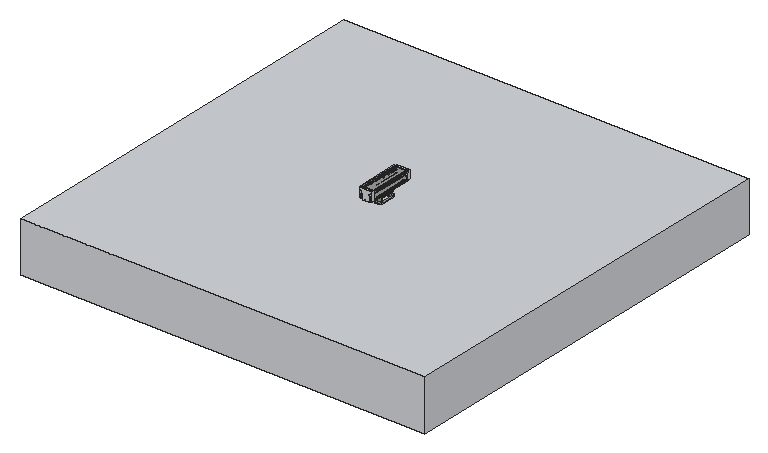
Revit family "L-industry NEW 12", category Осветительные приборы, Revit 2017
Family settings
  Основа = Грань
  Размер круглого соединителя = Использовать диаметр
  Тип детали = Нормальный
  При загрузке вырезать с полостями = Нет
  Источник света = Да
  Общий = Нет
  Точка расчета площади = Нет
Parameters (values of type "L-industry 12-11-D-4.0K")
  Wattage Comments = ""
  Wattage = 9.67403 W
  built-in parameter 1150110 = 1 (stored number, unit not read)
  Артикул = "204101300742200"
  URL = "https://ledel.ru/products/home-light/l-industry-12.html"
  Type Image = L-industry 12.png
  Комментарии к типоразмеру = "Бытовые"
  built-in parameter 1114217 = 1 (stored number, unit not read)
  Tilt Angle = 90.00°  # constant formula
  built-in parameter 1150109 = 1 (stored number, unit not read)
  built-in parameter 1150134 = 12
  built-in parameter 1150113 = 1 (stored number, unit not read)
  Файл фотометрической сетки = "L-industry NEW 12-11-D-4.0K-02.ies"
  built-in parameter 1150142 = "IESNA:LM-63-1995\r\n[TEST]LEDEL\r\n[DATA]27.11.2018\r\n[MANUFAC]LEDEL\r\n[LUMCAT]L-industry NEW 12/11/Д/4.0K/02\r\n[LUMINAIRE]Для освещения  промышленных объектов, складов, рекламных щитов, вывесок, декоративной подсветки  \r\n[MORE]\r\n[LAMPCAT]LED \r\n[LAMP]OSRAM OSLON\r\nTILT=NONE\r\n\r\n1 1437 1.0249643 37 19 1 2 0.28 0.083 0.110\r\n\r\n1 1 11\r\n\r\n0 2.5 5 7.5 10 12.5 15 17.5 20 22.5 25 27.5 30 32.5 35 37.5 40 42.5 45 47.5\r\n 50 52.5 55 57.5 60 62.5 65 67.5 70 72.5 75 77.5 80 82.5 85 87.5 90\r\n\r\n  0 5 10 15 20 25 30 35 40 45 50 55 60 65 70 75\r\n  80 85 90\r\n\r\n  720 725 728 712 704 700 683 669 654 632 615 586 558 523 478\r\n  408 362 320 277 237 206 164 127 105 101 104 88 70 67 68\r\n  61 62 54 46 29 14 11\r\n  717 729 723 706 704 699 682 667 655 633 615 591 559 525 481\r\n  411 362 322 280 239 203 175 142 119 111 112 94 78 77 68\r\n  56 55 49 41 26 11 3\r\n  717 727 726 706 698 694 680 667 652 630 611 586 559 525 482\r\n  413 356 310 261 212 181 169 149 126 104 91 87 72 61 62\r\n  63 54 47 42 27 15 6\r\n  716 727 724 707 695 695 682 665 648 631 615 586 562 529 485\r\n  425 356 304 248 202 179 159 138 115 97 88 84 82 70 53\r\n  47 47 44 34 22 12 5\r\n  717 723 724 711 696 688 682 665 651 633 614 591 561 529 489\r\n  436 363 300 252 209 176 151 129 119 118 103 80 68 66 61\r\n  55 43 39 31 21 14 6\r\n  717 720 721 717 699 683 676 670 649 632 613 586 563 528 486\r\n  436 382 300 246 213 183 158 137 124 110 92 81 75 71 60\r\n  55 52 43 31 22 14 6\r\n  716 716 714 715 707 686 673 663 649 632 614 591 561 523 485\r\n  442 395 321 252 213 190 178 157 126 106 98 94 84 70 66\r\n  61 52 46 39 28 13 5\r\n  714 714 708 709 704 694 680 659 647 630 611 589 557 525 486\r\n  450 403 346 299 246 214 185 153 133 119 112 96 71 72 75\r\n  67 62 56 47 35 20 6\r\n  717 711 708 700 696 689 676 664 651 635 615 591 559 528 497\r\n  461 414 356 313 281 250 199 163 151 146 128 104 96 93 79\r\n  69 70 61 51 37 21 6\r\n  717 712 706 701 690 681 671 659 643 629 607 577 547 519 488\r\n  453 395 340 304 279 244 192 150 128 121 109 85 78 85 66\r\n  63 62 54 46 28 12 3\r\n  717 721 718 720 717 712 706 695 683 666 647 620 597 568 537\r\n  500 440 385 344 307 263 214 182 175 161 129 106 100 90 75\r\n  72 68 61 50 36 18 4\r\n  714 721 721 727 730 718 705 688 677 670 656 630 599 568 534\r\n  496 444 379 326 282 246 206 163 137 129 121 97 73 72 69\r\n  66 61 52 43 29 14 4\r\n  716 722 729 732 727 711 699 692 683 666 649 627 592 558 521\r\n  480 425 350 292 241 214 203 174 133 116 111 104 84 71 68\r\n  58 48 47 36 22 11 3\r\n  717 724 733 730 717 708 704 693 674 663 643 622 592 553 511\r\n  467 411 338 280 243 206 176 152 132 109 98 91 84 70 59\r\n  51 45 36 29 19 6 4\r\n  717 723 734 727 714 712 710 691 675 660 643 625 592 554 511\r\n  460 404 341 277 229 199 169 143 136 129 104 76 69 66 62\r\n  52 39 33 25 17 6 3\r\n  716 726 733 720 712 715 705 688 675 660 642 615 589 552 508\r\n  454 395 325 262 225 198 174 154 128 107 101 92 86 69 47\r\n  47 43 34 26 14 5 2\r\n  717 726 729 715 713 714 699 688 674 656 635 615 584 546 509\r\n  456 391 338 288 241 211 193 173 130 107 96 93 77 60 62\r\n  54 43 36 28 17 6 3\r\n  717 726 730 713 712 711 693 686 671 652 631 608 576 540 502\r\n  448 391 345 302 260 228 195 151 132 126 120 100 83 77 64\r\n  53 47 43 30 15 6 3\r\n  720 727 727 712 714 709 688 681 666 644 626 601 571 537 499\r\n  444 389 340 296 260 232 192 133 109 106 116 103 69 68 76\r\n  54 47 47 31 14 6 3\r\n\r\n"
  Группа модели = "L-industry NEW 12"
  Изготовитель = "LEDEL"
  built-in parameter 1150105 = 114.35 (stored number, unit not read)
  Lumens = 1437 lm
  built-in parameter 1150115 = 1 (stored number, unit not read)
  built-in parameter 1150137 = (empty or 0)
  built-in parameter 1150139 = (empty or 0)
  built-in parameter 1150112 = 1 (stored number, unit not read)
  built-in parameter 1150114 = 1 (stored number, unit not read)
  built-in parameter 1150132 = 2
  built-in parameter 1150102 = (empty or 0)
  built-in parameter 1150107 = 4000 (stored number, unit not read)
  built-in parameter 1150138 = (empty or 0)
  built-in parameter 1150106 = 1.1435 (stored number, unit not read)
  Emit from Rectangle Width = 66.5 mm  # constant formula
  Emit from Rectangle Length = 250 mm  # constant formula
  Emit Shape Visible in Rendering = no
  built-in parameter 1150104 = 13.8 (stored number, unit not read)
  Dimming Lamp Color Temperature Shift = (empty or 0)
  Описание = "Для освещения  промышленных объектов, складов, рекламных щитов, вывесок, декоративной подсветки"
  Default Elevation = 1219.2 mm
  Color Filter = 16777215
  built-in parameter 1114218 = 1 (stored number, unit not read)
  built-in parameter 1150133 = 10 (stored number, unit not read)
  Apparent Load = 11 VA  # constant formula
Reference planes
  plane 1 "Center (Front/Back)": y = 0
  plane 2: z = 0
  plane 3 "Center (Left/Right)": x = 0
  plane 4: z = 22
Forms (mm)
  Extrusion 1, solid
    sketch origin (0, 0, 0) x (1, 0, 0) y (0, 1, 0)
      loop
        line (-1219.2, 1219.2) -> (-1219.2, -1219.2) -> (1219.2, -1219.2) -> (1219.2, 1219.2) -> (-1219.2, 1219.2)
    from 0 to -304.8
  Extrusion 2, solid, material "Алюминий"
    sketch origin (0, -32.2, 90.797) x (0, 0, 1) y (-1, 0, 0)
      loop
        arc (-68.797, -10) -> (-58.797, 0) -> (-68.797, 10) r 10
        line (-68.797, 10) -> (-88.797, 10) -> (-88.797, -10) -> (-68.797, -10)
    from 2 to 0
  Extrusion 3, solid, material "Алюминий"
    sketch origin (-10, -32.2, 2) x (0, -1, 0) y (-1, 0, 0)
      loop
        line (24.8, -10) -> (24.8, -3)
        arc (24.8, -3) -> (21.871, 4.071) -> (14.8, 7) r 10
        arc (14.8, 7) -> (12.477, 8.617) -> (11.274, 11.179) r 5.468
        arc (11.274, 11.179) -> (10.173, 13.521) -> (8.049, 15) r 5
        line (8.049, 15) -> (0, 15) -> (-64.4, 15) -> (-72.449, 15)
        arc (-72.449, 15) -> (-74.573, 13.521) -> (-75.674, 11.179) r 5
        arc (-75.674, 11.179) -> (-76.877, 8.617) -> (-79.2, 7) r 5.468
        arc (-79.2, 7) -> (-86.271, 4.071) -> (-89.2, -3) r 10
        line (-89.2, -3) -> (-89.2, -10) -> (-89.2, -17)
        arc (-89.2, -17) -> (-86.271, -24.071) -> (-79.2, -27) r 10
        arc (-79.2, -27) -> (-76.877, -28.617) -> (-75.674, -31.179) r 5.468
        arc (-75.674, -31.179) -> (-74.573, -33.521) -> (-72.449, -35) r 5
        line (-72.449, -35) -> (-64.4, -35) -> (0, -35) -> (8.049, -35)
        arc (8.049, -35) -> (10.173, -33.521) -> (11.274, -31.179) r 5
        arc (11.274, -31.179) -> (12.477, -28.617) -> (14.8, -27) r 5.468
        arc (14.8, -27) -> (21.871, -24.071) -> (24.8, -17) r 10
        line (24.8, -17) -> (24.8, -10)
      loop
        line (0, 1.011) -> (-64.4, 1.011) -> (-64.4, -21.011) -> (0, -21.011) -> (0, 1.011)
    from 2 to 0
  Extrusion 4, solid, material "Алюминий"
    sketch origin (0, 32.2, 90.797) x (0, 0, 1) y (1, 0, 0)
      loop
        line (-68.797, 10) -> (-88.797, 10) -> (-88.797, -10) -> (-68.797, -10)
        arc (-68.797, -10) -> (-58.797, 0) -> (-68.797, 10) r 10
    from 2 to 0
  Extrusion 5, solid, material "Алюминий"
    sketch origin (0, -28, 42) x (0, 0, -1) y (-1, 0, 0)
      loop
        circle (20, 0) r 3
    from -7.641 to 64.229
  Extrusion 6, solid, material "Поликарбонат, прозрачный"
    sketch origin (0, 0, 22) x (0, 0, 1) y (-1, 0, 0)
      loop
        line (87, 37) -> (84, 37) -> (84, -37) -> (87, -37) -> (87, 37)
    from -125 to 125
  Extrusion 7, solid, material "Алюминий"
    sketch origin (0, 0, 22) x (0, 0, 1) y (-1, 0, 0)
      loop
        line (29.941, 0) -> (29.941, -3.9) -> (25.944, -3.9) -> (25.944, -2.437) -> (23.944, -2.437) -> (23.944, -5.937) -> (29.941, -5.937) -> (29.941, -15.337) -> (25.237, -15.337)
        arc (25.237, -15.337) -> (24.323, -15.715) -> (23.944, -16.629) r 1.292
        line (23.944, -16.629) -> (23.944, -18.584) -> (25.146, -18.584)
        arc (25.146, -18.584) -> (30.246, -20.307) -> (25.03, -21.637) r 2.807
        line (25.03, -21.637) -> (23.944, -21.637) -> (23.944, -23.52)
        arc (23.944, -23.52) -> (24.33, -24.451) -> (25.261, -24.837) r 1.316
        line (25.261, -24.837) -> (29.941, -24.837)
        arc (29.941, -24.837) -> (30.877, -24.548) -> (31.488, -23.784) r 1.662
        arc (31.488, -23.784) -> (31.934, -23.392) -> (32.512, -23.526) r 0.649
        line (32.512, -23.526) -> (33.822, -24.837)
        arc (33.822, -24.837) -> (34.105, -26.397) -> (32.744, -27.21) r 1.392
        line (32.744, -27.21) -> (23.944, -27.21) -> (23.944, -28.21) -> (32.715, -28.21)
        arc (32.715, -28.21) -> (35.024, -26.793) -> (34.529, -24.129) r 2.392
        line (34.529, -24.129) -> (33.219, -22.819)
        arc (33.219, -22.819) -> (34.58, -20.286) -> (37.441, -20) r 3.06
        line (37.441, -20) -> (53.741, -20)
        arc (53.741, -20) -> (56.087, -21.637) -> (55.361, -24.404) r 2.5
        line (55.361, -24.404) -> (41.843, -35.904)
        arc (41.843, -35.904) -> (38.611, -37.307) -> (35.115, -37.742) r 12.359
        arc (35.115, -37.742) -> (34.014, -38.18) -> (33.555, -39.273) r 1.531
        line (33.555, -39.273) -> (33.555, -40.542) -> (36.055, -40.542) -> (36.055, -39.308) -> (39.102, -39.308) -> (39.102, -40.542) -> (40.529, -40.542)
        arc (40.529, -40.542) -> (41.254, -40.242) -> (41.555, -39.517) r 1.025
        line (41.555, -39.517) -> (41.555, -38.542)
        arc (41.555, -38.542) -> (41.995, -37.591) -> (42.735, -36.849) r 3
        line (42.735, -36.849) -> (67.024, -19.842)
        arc (67.024, -19.842) -> (70.067, -19.584) -> (71.798, -22.1) r 3.04
        line (71.798, -22.1) -> (69.539, -22.919)
        arc (69.539, -22.919) -> (69.257, -23.515) -> (69.852, -23.801) r 0.468
        line (69.852, -23.801) -> (72.377, -23.171)
        arc (72.377, -23.171) -> (72.796, -24.026) -> (73.255, -24.86) r 20
        line (73.255, -24.86) -> (70.837, -25.771)
        arc (70.837, -25.771) -> (70.58, -26.346) -> (71.159, -26.597) r 0.443
        line (71.159, -26.597) -> (74.033, -26.09)
        arc (74.033, -26.09) -> (74.597, -26.874) -> (75.199, -27.63) r 20
        line (75.199, -27.63) -> (72.855, -28.459)
        arc (72.855, -28.459) -> (72.556, -29.11) -> (73.216, -29.39) r 0.5
        line (73.216, -29.39) -> (76.127, -28.665)
        arc (76.127, -28.665) -> (77.02, -29.537) -> (77.965, -30.351) r 20
        arc (77.965, -30.351) -> (75.911, -30.775) -> (74.78, -32.541) r 2.7
        line (74.78, -32.541) -> (75.963, -32.745)
        arc (75.963, -32.745) -> (78.83, -32.434) -> (76.562, -34.216) r 1.5
        line (76.562, -34.216) -> (75.708, -35.07)
        arc (75.708, -35.07) -> (76.964, -35.657) -> (78.346, -35.544) r 2.7
        arc (78.346, -35.544) -> (79.233, -35.666) -> (79.645, -36.461) r 0.973
        line (79.645, -36.461) -> (79.645, -41.984) -> (88.145, -41.984) -> (88.145, -37.084) -> (88.486, -33.187) -> (87.49, -33.099) -> (87.141, -37.084) -> (83.641, -37.084) -> (83.641, -36.084) -> (81.641, -36.084) -> (81.641, -33.084) -> (83.641, -33.084) -> (83.641, -31.479)
        arc (83.641, -31.479) -> (76.114, -25.647) -> (72.602, -16.796) r 18.05
        line (72.602, -16.796) -> (72.602, -14.8) -> (71.641, -14.8) -> (71.641, -16.8) -> (69.941, -16.8) -> (69.941, 16.8) -> (71.641, 16.8) -> (71.641, 14.8) -> (72.602, 14.8) -> (72.602, 16.796)
        arc (72.602, 16.796) -> (76.114, 25.647) -> (83.641, 31.479) r 18.05
        line (83.641, 31.479) -> (83.641, 33.084) -> (81.641, 33.084) -> (81.641, 36.084) -> (83.641, 36.084) -> (83.641, 37.084) -> (87.141, 37.084) -> (87.49, 33.099) -> (88.486, 33.187) -> (88.145, 37.084) -> (88.145, 41.984) -> (79.645, 41.984) -> (79.645, 36.461)
        arc (79.645, 36.461) -> (79.233, 35.666) -> (78.346, 35.544) r 0.973
        arc (78.346, 35.544) -> (76.964, 35.657) -> (75.708, 35.07) r 2.7
        line (75.708, 35.07) -> (76.562, 34.216)
        arc (76.562, 34.216) -> (78.83, 32.434) -> (75.963, 32.745) r 1.5
        line (75.963, 32.745) -> (74.78, 32.541)
        arc (74.78, 32.541) -> (75.911, 30.775) -> (77.965, 30.351) r 2.7
        arc (77.965, 30.351) -> (77.02, 29.537) -> (76.127, 28.665) r 20
        line (76.127, 28.665) -> (73.216, 29.39)
        arc (73.216, 29.39) -> (72.556, 29.11) -> (72.855, 28.459) r 0.5
        line (72.855, 28.459) -> (75.199, 27.63)
        arc (75.199, 27.63) -> (74.597, 26.874) -> (74.033, 26.09) r 20
        line (74.033, 26.09) -> (71.159, 26.597)
        arc (71.159, 26.597) -> (70.58, 26.346) -> (70.837, 25.771) r 0.443
        line (70.837, 25.771) -> (73.255, 24.86)
        arc (73.255, 24.86) -> (72.796, 24.026) -> (72.377, 23.171) r 20
        line (72.377, 23.171) -> (69.852, 23.801)
        arc (69.852, 23.801) -> (69.257, 23.515) -> (69.539, 22.919) r 0.468
        line (69.539, 22.919) -> (71.798, 22.1)
        arc (71.798, 22.1) -> (70.067, 19.584) -> (67.024, 19.842) r 3.04
        line (67.024, 19.842) -> (42.735, 36.849)
        arc (42.735, 36.849) -> (41.995, 37.591) -> (41.555, 38.542) r 3
        line (41.555, 38.542) -> (41.555, 39.517)
        arc (41.555, 39.517) -> (41.254, 40.242) -> (40.529, 40.542) r 1.025
        line (40.529, 40.542) -> (39.102, 40.542) -> (39.102, 39.308) -> (36.055, 39.308) -> (36.055, 40.542) -> (33.555, 40.542) -> (33.555, 39.273)
        arc (33.555, 39.273) -> (34.014, 38.18) -> (35.115, 37.742) r 1.531
        arc (35.115, 37.742) -> (38.611, 37.307) -> (41.843, 35.904) r 12.359
        line (41.843, 35.904) -> (55.361, 24.404)
        arc (55.361, 24.404) -> (56.087, 21.637) -> (53.741, 20) r 2.5
        line (53.741, 20) -> (37.441, 20)
        arc (37.441, 20) -> (34.58, 20.286) -> (33.219, 22.819) r 3.06
        line (33.219, 22.819) -> (34.529, 24.129)
        arc (34.529, 24.129) -> (35.024, 26.793) -> (32.715, 28.21) r 2.392
        line (32.715, 28.21) -> (23.944, 28.21) -> (23.944, 27.21) -> (32.744, 27.21)
        arc (32.744, 27.21) -> (34.105, 26.397) -> (33.822, 24.837) r 1.392
        line (33.822, 24.837) -> (32.512, 23.526)
        arc (32.512, 23.526) -> (31.934, 23.392) -> (31.488, 23.784) r 0.649
        arc (31.488, 23.784) -> (30.877, 24.548) -> (29.941, 24.837) r 1.662
        line (29.941, 24.837) -> (25.261, 24.837)
        arc (25.261, 24.837) -> (24.33, 24.451) -> (23.944, 23.52) r 1.316
        line (23.944, 23.52) -> (23.944, 21.637) -> (25.03, 21.637)
        arc (25.03, 21.637) -> (30.246, 20.307) -> (25.146, 18.584) r 2.807
        line (25.146, 18.584) -> (23.944, 18.584) -> (23.944, 16.629)
        arc (23.944, 16.629) -> (24.323, 15.715) -> (25.237, 15.337) r 1.292
        line (25.237, 15.337) -> (29.941, 15.337) -> (29.941, 5.937) -> (23.944, 5.937) -> (23.944, 2.437) -> (25.944, 2.437) -> (25.944, 3.9) -> (29.941, 3.9) -> (29.941, 0)
    from -125 to 125
  Extrusion 8, solid, material "Алюминий"
    sketch origin (0, 0, 22) x (0, 0, 1) y (-1, 0, 0)
      loop
        arc (0, 10) -> (-7.071, 7.071) -> (-10, 0) r 10
        arc (-10, 0) -> (-7.071, -7.071) -> (0, -10) r 10
        arc (0, -10) -> (7.071, -12.929) -> (10, -20) r 10
        arc (10, -20) -> (12.929, -27.071) -> (20, -30) r 10
        line (20, -30) -> (23.944, -30) -> (23.944, 30) -> (20, 30)
        arc (20, 30) -> (12.929, 27.071) -> (10, 20) r 10
        arc (10, 20) -> (7.071, 12.929) -> (0, 10) r 10
      loop
        circle (0, 0) r 3
    from -30 to 30
  Extrusion 9, void
    sketch origin (0, 0, 22) x (0, 0, -1) y (-1, 0, 0)
      loop
        arc (-10, -20) -> (-7.071, -12.929) -> (0, -10) r 10
        arc (0, -10) -> (7.071, -7.071) -> (10, 0) r 10
        arc (10, 0) -> (7.071, 7.071) -> (0, 10) r 10
        arc (0, 10) -> (-7.071, 12.929) -> (-10, 20) r 10
        arc (-10, 20) -> (-12.929, 27.071) -> (-20, 30) r 10
        line (-20, 30) -> (-21.972, 30) -> (-21.972, -30) -> (-20, -30)
        arc (-20, -30) -> (-12.929, -27.071) -> (-10, -20) r 10
    from -28 to 28
  Extrusion 10, solid
    sketch origin (0, 0, 22) x (0, 0, 1) y (-1, 0, 0)
      loop
        line (88.145, 37.935) -> (35.226, 37.935) -> (35.226, 29.581)
        arc (35.226, 29.581) -> (34.626, 24.723) -> (32.865, 20.155) r 20
        line (32.865, 20.155) -> (29.846, 15.324)
        arc (29.846, 15.324) -> (29.458, 14.913) -> (28.941, 14.684) r 1.436
        line (28.941, 14.684) -> (28.941, 5.284)
        arc (28.941, 5.284) -> (29.678, 4.382) -> (29.941, 3.247) r 2.574
        line (29.941, 3.247) -> (29.941, -0.653) -> (29.941, -4.553)
        arc (29.941, -4.553) -> (29.678, -5.687) -> (28.941, -6.589) r 2.574
        line (28.941, -6.589) -> (28.941, -15.989)
        arc (28.941, -15.989) -> (29.458, -16.219) -> (29.846, -16.63) r 1.436
        line (29.846, -16.63) -> (32.865, -21.461)
        arc (32.865, -21.461) -> (34.626, -26.028) -> (35.226, -30.887) r 20
        line (35.226, -30.887) -> (35.226, -39.24) -> (88.145, -39.24) -> (88.145, -0.653) -> (88.145, 37.935)
      loop
        arc (36.775, 28.032) -> (36.387, 24.114) -> (35.239, 20.347) r 20
        line (35.239, 20.347) -> (53.741, 20.347)
        arc (53.741, 20.347) -> (55.149, 21.329) -> (54.713, 22.99) r 1.5
        line (54.713, 22.99) -> (41.254, 34.439)
        arc (41.254, 34.439) -> (40.121, 35.043) -> (38.927, 35.515) r 11.359
        arc (38.927, 35.515) -> (37.453, 35.288) -> (36.775, 33.961) r 1.637
        line (36.775, 33.961) -> (36.775, 28.032)
      loop
        line (48.989, 33.038) -> (67.597, 20.009)
        arc (67.597, 20.009) -> (69.396, 19.739) -> (70.695, 21.013) r 2.04
        arc (70.695, 21.013) -> (71.785, 23.591) -> (73.207, 26.002) r 21
        arc (73.207, 26.002) -> (74.25, 27.399) -> (75.406, 28.705) r 21
        arc (75.406, 28.705) -> (76.956, 30.161) -> (78.646, 31.453) r 21
        arc (78.646, 31.453) -> (78.046, 33.658) -> (77.855, 35.935) r 12.546
        line (77.855, 35.935) -> (49.903, 35.935)
        arc (49.903, 35.935) -> (48.384, 34.821) -> (48.989, 33.038) r 1.592
      loop
        line (36.775, -29.337) -> (36.775, -35.266)
        arc (36.775, -35.266) -> (37.453, -36.594) -> (38.927, -36.82) r 1.637
        arc (38.927, -36.82) -> (40.121, -36.348) -> (41.254, -35.744) r 11.359
        line (41.254, -35.744) -> (54.713, -24.295)
        arc (54.713, -24.295) -> (55.149, -22.635) -> (53.741, -21.653) r 1.5
        line (53.741, -21.653) -> (35.239, -21.653)
        arc (35.239, -21.653) -> (36.387, -25.419) -> (36.775, -29.337) r 20
      loop
        arc (48.989, -34.343) -> (48.384, -36.127) -> (49.903, -37.24) r 1.592
        line (49.903, -37.24) -> (77.855, -37.24)
        arc (77.855, -37.24) -> (78.046, -34.963) -> (78.646, -32.759) r 12.546
        arc (78.646, -32.759) -> (76.956, -31.467) -> (75.406, -30.011) r 21
        arc (75.406, -30.011) -> (74.25, -28.705) -> (73.207, -27.308) r 21
        arc (73.207, -27.308) -> (71.785, -24.897) -> (70.695, -22.318) r 21
        arc (70.695, -22.318) -> (69.396, -21.045) -> (67.597, -21.314) r 2.04
        line (67.597, -21.314) -> (48.989, -34.343)
    from 140 to 125
  Extrusion 11, solid
    sketch origin (0, 0, 22) x (0, 0, 1) y (-1, 0, 0)
      loop
        line (88.145, -39.24) -> (88.145, -0.653) -> (88.145, 37.935) -> (35.226, 37.935) -> (35.226, 29.581)
        arc (35.226, 29.581) -> (34.626, 24.723) -> (32.865, 20.155) r 20
        line (32.865, 20.155) -> (29.846, 15.324)
        arc (29.846, 15.324) -> (29.458, 14.913) -> (28.941, 14.684) r 1.436
        line (28.941, 14.684) -> (28.941, 5.284)
        arc (28.941, 5.284) -> (29.678, 4.382) -> (29.941, 3.247) r 2.574
        line (29.941, 3.247) -> (29.941, -0.653) -> (29.941, -4.553)
        arc (29.941, -4.553) -> (29.678, -5.687) -> (28.941, -6.589) r 2.574
        line (28.941, -6.589) -> (28.941, -15.989)
        arc (28.941, -15.989) -> (29.458, -16.219) -> (29.846, -16.63) r 1.436
        line (29.846, -16.63) -> (32.865, -21.461)
        arc (32.865, -21.461) -> (34.626, -26.028) -> (35.226, -30.887) r 20
        line (35.226, -30.887) -> (35.226, -39.24) -> (88.145, -39.24)
      loop
        arc (70.695, 21.013) -> (71.785, 23.591) -> (73.207, 26.002) r 21
        arc (73.207, 26.002) -> (74.25, 27.399) -> (75.406, 28.705) r 21
        arc (75.406, 28.705) -> (76.956, 30.161) -> (78.646, 31.453) r 21
        arc (78.646, 31.453) -> (78.046, 33.658) -> (77.855, 35.935) r 12.546
        line (77.855, 35.935) -> (49.903, 35.935)
        arc (49.903, 35.935) -> (48.384, 34.821) -> (48.989, 33.038) r 1.592
        line (48.989, 33.038) -> (67.597, 20.009)
        arc (67.597, 20.009) -> (69.396, 19.739) -> (70.695, 21.013) r 2.04
      loop
        arc (41.254, 34.439) -> (40.121, 35.043) -> (38.927, 35.515) r 11.359
        arc (38.927, 35.515) -> (37.453, 35.288) -> (36.775, 33.961) r 1.637
        line (36.775, 33.961) -> (36.775, 28.032)
        arc (36.775, 28.032) -> (36.387, 24.114) -> (35.239, 20.347) r 20
        line (35.239, 20.347) -> (53.741, 20.347)
        arc (53.741, 20.347) -> (55.149, 21.329) -> (54.713, 22.99) r 1.5
        line (54.713, 22.99) -> (41.254, 34.439)
      loop
        arc (48.989, -34.343) -> (48.384, -36.127) -> (49.903, -37.24) r 1.592
        line (49.903, -37.24) -> (77.855, -37.24)
        arc (77.855, -37.24) -> (78.046, -34.963) -> (78.646, -32.759) r 12.546
        arc (78.646, -32.759) -> (76.956, -31.467) -> (75.406, -30.011) r 21
        arc (75.406, -30.011) -> (74.25, -28.705) -> (73.207, -27.308) r 21
        arc (73.207, -27.308) -> (71.785, -24.897) -> (70.695, -22.318) r 21
        arc (70.695, -22.318) -> (69.396, -21.045) -> (67.597, -21.314) r 2.04
        line (67.597, -21.314) -> (48.989, -34.343)
      loop
        arc (54.713, -24.295) -> (55.149, -22.635) -> (53.741, -21.653) r 1.5
        line (53.741, -21.653) -> (35.239, -21.653)
        arc (35.239, -21.653) -> (36.387, -25.419) -> (36.775, -29.337) r 20
        line (36.775, -29.337) -> (36.775, -35.266)
        arc (36.775, -35.266) -> (37.453, -36.594) -> (38.927, -36.82) r 1.637
        arc (38.927, -36.82) -> (40.121, -36.348) -> (41.254, -35.744) r 11.359
        line (41.254, -35.744) -> (54.713, -24.295)
    from -140 to -125
Cuts and joins
  Extrusion 9 cuts Extrusion 5
  Extrusion 9 cuts Extrusion 8
Lines and regions (mm)
  reference lines
    curve 1: line (0, 0, 22) -> (0, 0, 109)
Dimensions and locks
  "Tilt Angle": angle plane 4 to curve 1
  aligned and locked: plane 2 to Extrusion 1
  aligned and locked: level to Extrusion 1
  aligned and locked: plane 4 to curve 1
  aligned and locked: plane 3 "Center (Left/Right)" to curve 1
  aligned and locked: imposter light to curve 1  (x2)
Automatic sketch dimensions
  Extrusion 1 sketch curve to Extrusion 1 sketch curve = 2438.4 mm  (x2)
  Extrusion 2 sketch curve to plane 3 "Center (Left/Right)" = 0 mm
  Extrusion 2 sketch curve to plane 4 = 0 mm
  level to Extrusion 2 sketch curve = 2 mm
  plane 3 "Center (Left/Right)" to Extrusion 2 sketch curve = 10 mm
  Extrusion 3 sketch curve to Extrusion 2 = 0 mm  (x2)
  Extrusion 2 to Extrusion 3 sketch curve = 0 mm
  Extrusion 3 sketch curve to Extrusion 2 = 15 mm
  Extrusion 3 sketch curve to Extrusion 3 sketch curve = 64.4 mm
  Extrusion 3 sketch curve to Extrusion 2 = 1.011 mm
  Extrusion 3 sketch curve to Extrusion 3 sketch curve = 0 mm  (x3)
  Extrusion 3 sketch curve to Extrusion 3 sketch curve = 6.352 mm  (x2)
  Extrusion 3 sketch curve to Extrusion 3 sketch curve = 1.697 mm  (x4)
  Extrusion 2 to Extrusion 3 sketch curve = 3 mm  (x2)
  Extrusion 3 sketch curve to Extrusion 3 sketch curve = 14.8 mm
  Extrusion 3 sketch curve to Extrusion 2 = 3 mm  (x2)
  Extrusion 3 sketch curve to Extrusion 3 sketch curve = 1.856 mm  (x4)
  Extrusion 3 sketch curve to Extrusion 3 sketch curve = 10 mm  (x2)
  Extrusion 2 to Extrusion 3 sketch curve = 4.352 mm  (x2)
  Extrusion 2 to Extrusion 3 sketch curve = 12.8 mm  (x2)
  Extrusion 3 sketch curve to Extrusion 3 sketch curve = 3.297 mm  (x2)
  Extrusion 3 sketch curve to Extrusion 3 sketch curve = 5.143 mm  (x4)
  Extrusion 3 sketch curve to Extrusion 3 sketch curve = 4.703 mm  (x3)
  Extrusion 2 to Extrusion 3 sketch curve = 1.011 mm
  Extrusion 3 sketch curve to Extrusion 3 sketch curve = 7 mm  (x2)
  Extrusion 4 sketch curve to plane 3 "Center (Left/Right)" = 0 mm
  Extrusion 4 sketch curve to plane 4 = 0 mm
  level to Extrusion 4 sketch curve = 2 mm
  Extrusion 4 sketch curve to plane 3 "Center (Left/Right)" = 10 mm
  Extrusion 6 sketch curve to curve 1 = 0 mm
  Extrusion 6 sketch curve to curve 1 = 37 mm
  curve 1 to Extrusion 6 sketch curve = 37 mm
  Extrusion 6 sketch curve to Extrusion 6 sketch curve = 3 mm
  Extrusion 7 sketch curve to Extrusion 7 sketch curve = 0 mm  (x53)
  curve 1 to Extrusion 7 sketch curve = 23.944 mm
  Extrusion 7 sketch curve to Extrusion 7 sketch curve = 1.085 mm  (x2)
  Extrusion 7 sketch curve to Extrusion 7 sketch curve = 1.202 mm  (x2)
  Extrusion 7 sketch curve to Extrusion 7 sketch curve = 1.292 mm  (x2)
  Extrusion 7 sketch curve to Extrusion 7 sketch curve = 1.316 mm  (x2)
  Extrusion 7 sketch curve to Extrusion 7 sketch curve = 2 mm  (x7)
  Extrusion 7 sketch curve to Extrusion 7 sketch curve = 2.411 mm
  Extrusion 7 sketch curve to Extrusion 7 sketch curve = 2.295 mm
  Extrusion 7 sketch curve to Extrusion 7 sketch curve = 3.997 mm
  Extrusion 7 sketch curve to Extrusion 7 sketch curve = 2.5 mm  (x2)
  Extrusion 7 sketch curve to Extrusion 7 sketch curve = 4.68 mm
  Extrusion 7 sketch curve to Extrusion 7 sketch curve = 4.704 mm
  Extrusion 7 sketch curve to Extrusion 7 sketch curve = 2.151 mm  (x2)
  Extrusion 7 sketch curve to Extrusion 7 sketch curve = 0.42 mm  (x2)
  Extrusion 7 sketch curve to Extrusion 7 sketch curve = 0.623 mm  (x3)
  Extrusion 7 sketch curve to Extrusion 7 sketch curve = 0.029 mm  (x2)
  Extrusion 7 sketch curve to Extrusion 7 sketch curve = 0.094 mm  (x2)
  Extrusion 7 sketch curve to Extrusion 7 sketch curve = 0.707 mm  (x7)
  Extrusion 7 sketch curve to Extrusion 7 sketch curve = 0.84 mm  (x2)
  Extrusion 7 sketch curve to Extrusion 7 sketch curve = 0.985 mm  (x3)
  Extrusion 7 sketch curve to Extrusion 7 sketch curve = 1.531 mm  (x2)
  Extrusion 7 sketch curve to Extrusion 7 sketch curve = 0.825 mm  (x2)
  Extrusion 7 sketch curve to Extrusion 7 sketch curve = 0.969 mm  (x2)
  Extrusion 7 sketch curve to Extrusion 7 sketch curve = 1.75 mm  (x2)
  Extrusion 7 sketch curve to Extrusion 7 sketch curve = 1.162 mm  (x2)
  Extrusion 7 sketch curve to Extrusion 7 sketch curve = 3.047 mm  (x2)
  Extrusion 7 sketch curve to Extrusion 7 sketch curve = 1.428 mm  (x2)
  Extrusion 7 sketch curve to Extrusion 7 sketch curve = 1.025 mm  (x2)
  Extrusion 7 sketch curve to Extrusion 7 sketch curve = 0.288 mm  (x2)
  Extrusion 7 sketch curve to Extrusion 7 sketch curve = 0.892 mm  (x2)
  Extrusion 7 sketch curve to Extrusion 7 sketch curve = 2.901 mm  (x2)
  Extrusion 7 sketch curve to curve 1 = 33.259 mm  (x2)
  Extrusion 7 sketch curve to Extrusion 7 sketch curve = 1.62 mm  (x2)
  Extrusion 7 sketch curve to curve 1 = 19.976 mm  (x2)
  Extrusion 7 sketch curve to curve 1 = 18.233 mm  (x2)
  Extrusion 7 sketch curve to curve 1 = 17.461 mm  (x2)
  Extrusion 7 sketch curve to Extrusion 7 sketch curve = 0.159 mm  (x2)
  Extrusion 7 sketch curve to Extrusion 7 sketch curve = 0.154 mm  (x2)
  Extrusion 7 sketch curve to curve 1 = 17.059 mm
  Extrusion 7 sketch curve to curve 1 = 16.007 mm  (x2)
  Extrusion 7 sketch curve to Extrusion 7 sketch curve = 1.7 mm  (x2)
  Extrusion 7 sketch curve to Extrusion 7 sketch curve = 2.259 mm  (x2)
  Extrusion 7 sketch curve to Extrusion 7 sketch curve = 0.579 mm  (x2)
  Extrusion 7 sketch curve to Extrusion 7 sketch curve = 0.961 mm  (x2)
  Extrusion 7 sketch curve to Extrusion 7 sketch curve = 1.862 mm  (x2)
  Extrusion 7 sketch curve to Extrusion 7 sketch curve = 0.167 mm  (x2)
  Extrusion 7 sketch curve to Extrusion 7 sketch curve = 0.195 mm  (x2)
  Extrusion 7 sketch curve to Extrusion 7 sketch curve = 0.878 mm  (x2)
  Extrusion 7 sketch curve to Extrusion 7 sketch curve = 0.778 mm  (x2)
  Extrusion 7 sketch curve to Extrusion 7 sketch curve = 1.564 mm  (x2)
  Extrusion 7 sketch curve to Extrusion 7 sketch curve = 1.166 mm  (x2)
  Extrusion 7 sketch curve to Extrusion 7 sketch curve = 0.928 mm  (x4)
  Extrusion 7 sketch curve to Extrusion 7 sketch curve = 1.183 mm  (x2)
  Extrusion 7 sketch curve to Extrusion 7 sketch curve = 0.855 mm  (x4)
  Extrusion 7 sketch curve to Extrusion 7 sketch curve = 1.478 mm  (x2)
  Extrusion 7 sketch curve to Extrusion 7 sketch curve = 2.109 mm  (x2)
  Extrusion 7 sketch curve to Extrusion 7 sketch curve = 0.973 mm  (x2)
  Extrusion 7 sketch curve to Extrusion 7 sketch curve = 1.996 mm  (x3)
  Extrusion 7 sketch curve to Extrusion 7 sketch curve = 3.5 mm  (x2)
  Extrusion 7 sketch curve to Extrusion 7 sketch curve = 3.849 mm  (x2)
  Extrusion 7 sketch curve to Extrusion 7 sketch curve = 1.004 mm  (x2)
  Extrusion 7 sketch curve to Extrusion 7 sketch curve = 0.996 mm  (x2)
  Extrusion 7 sketch curve to Extrusion 7 sketch curve = 17.939 mm  (x2)
  Extrusion 7 sketch curve to curve 1 = 41.984 mm
  Extrusion 7 sketch curve to curve 1 = 40.542 mm
  Extrusion 7 sketch curve to Extrusion 7 sketch curve = 1.234 mm
  Extrusion 7 sketch curve to Extrusion 7 sketch curve = 0.21 mm
  Extrusion 7 sketch curve to Extrusion 7 sketch curve = 1.269 mm  (x2)
  Extrusion 7 sketch curve to Extrusion 7 sketch curve = 0.975 mm  (x2)
  Extrusion 7 sketch curve to Extrusion 7 sketch curve = 4.9 mm  (x2)
  Extrusion 7 sketch curve to Extrusion 7 sketch curve = 1 mm  (x3)
  Extrusion 7 sketch curve to Extrusion 7 sketch curve = 0.946 mm  (x2)
  Extrusion 7 sketch curve to Extrusion 7 sketch curve = 1.391 mm
  Extrusion 7 sketch curve to Extrusion 7 sketch curve = 3 mm
  Extrusion 7 sketch curve to Extrusion 7 sketch curve = 1.216 mm
  Extrusion 7 sketch curve to Extrusion 7 sketch curve = 0.204 mm  (x2)
  Extrusion 7 sketch curve to Extrusion 7 sketch curve = 1.605 mm  (x2)
  Extrusion 7 sketch curve to Extrusion 7 sketch curve = 3.151 mm  (x2)
  Extrusion 7 sketch curve to Extrusion 7 sketch curve = 0.46 mm
  Extrusion 7 sketch curve to Extrusion 7 sketch curve = 0.726 mm
  Extrusion 7 sketch curve to Extrusion 7 sketch curve = 11.062 mm
  Extrusion 7 sketch curve to Extrusion 7 sketch curve = 1.035 mm  (x2)
  Extrusion 7 sketch curve to curve 1 = 26.186 mm
  Extrusion 7 sketch curve to Extrusion 7 sketch curve = 1.54 mm
  Extrusion 7 sketch curve to Extrusion 7 sketch curve = 1.389 mm
  Extrusion 7 sketch curve to Extrusion 7 sketch curve = 1.256 mm  (x2)
  Extrusion 7 sketch curve to Extrusion 7 sketch curve = 1.231 mm  (x2)
  Extrusion 7 sketch curve to Extrusion 7 sketch curve = 2.374 mm
  Extrusion 7 sketch curve to curve 1 = 24.404 mm
  Extrusion 7 sketch curve to Extrusion 7 sketch curve = 0.815 mm
  Extrusion 7 sketch curve to curve 1 = 23.801 mm
  Extrusion 7 sketch curve to Extrusion 7 sketch curve = 0.495 mm  (x2)
  Extrusion 7 sketch curve to Extrusion 7 sketch curve = 0.442 mm
  Extrusion 7 sketch curve to Extrusion 7 sketch curve = 1.662 mm
  Extrusion 7 sketch curve to Extrusion 7 sketch curve = 1.298 mm
  Extrusion 7 sketch curve to curve 1 = 22.332 mm
  Extrusion 7 sketch curve to Extrusion 7 sketch curve = 1.071 mm  (x2)
  Extrusion 7 sketch curve to Extrusion 7 sketch curve = 1.884 mm  (x2)
  Extrusion 7 sketch curve to Extrusion 7 sketch curve = 1.437 mm
  Extrusion 7 sketch curve to Extrusion 7 sketch curve = 0.004 mm  (x2)
  Extrusion 7 sketch curve to Extrusion 7 sketch curve = 1.955 mm  (x2)
  Extrusion 7 sketch curve to Extrusion 7 sketch curve = 9.4 mm  (x2)
  Extrusion 7 sketch curve to Extrusion 7 sketch curve = 2.037 mm  (x2)
  Extrusion 7 sketch curve to Extrusion 7 sketch curve = 1.463 mm
  Extrusion 7 sketch curve to Extrusion 7 sketch curve = 3.9 mm  (x2)
  Extrusion 7 sketch curve to Extrusion 7 sketch curve = 4.873 mm
  curve 1 to Extrusion 7 sketch curve = 14.8 mm
  curve 1 to Extrusion 7 sketch curve = 19.842 mm
  Extrusion 7 sketch curve to Extrusion 7 sketch curve = 4.663 mm
  Extrusion 7 sketch curve to Extrusion 7 sketch curve = 1.616 mm
  curve 1 to Extrusion 7 sketch curve = 22.1 mm
  Extrusion 7 sketch curve to Extrusion 7 sketch curve = 2.819 mm
  curve 1 to Extrusion 7 sketch curve = 22.919 mm
  Extrusion 7 sketch curve to Extrusion 7 sketch curve = 0.355 mm
  Extrusion 7 sketch curve to Extrusion 7 sketch curve = 0.44 mm
  Extrusion 7 sketch curve to Extrusion 7 sketch curve = 1.31 mm
  curve 1 to Extrusion 7 sketch curve = 26.186 mm
  Extrusion 7 sketch curve to Extrusion 7 sketch curve = 0.829 mm
  Extrusion 7 sketch curve to Extrusion 7 sketch curve = 0.471 mm
  Extrusion 7 sketch curve to Extrusion 7 sketch curve = 0.255 mm
  Extrusion 7 sketch curve to Extrusion 7 sketch curve = 0.015 mm
  Extrusion 7 sketch curve to Extrusion 7 sketch curve = 0.087 mm
  Extrusion 7 sketch curve to Extrusion 7 sketch curve = 7.693 mm
  Extrusion 7 sketch curve to Extrusion 7 sketch curve = 0.377 mm
  Extrusion 7 sketch curve to Extrusion 7 sketch curve = 1.692 mm
  Extrusion 7 sketch curve to Extrusion 7 sketch curve = 0.731 mm
  Extrusion 7 sketch curve to Extrusion 7 sketch curve = 0.035 mm
  Extrusion 7 sketch curve to Extrusion 7 sketch curve = 0.156 mm  (x2)
  Extrusion 7 sketch curve to Extrusion 7 sketch curve = 0.165 mm  (x2)
  Extrusion 7 sketch curve to Extrusion 7 sketch curve = 0.411 mm
  Extrusion 7 sketch curve to Extrusion 7 sketch curve = 0.415 mm
  Extrusion 8 sketch curve to Extrusion 8 sketch curve = 0 mm  (x12)
  curve 1 to Extrusion 8 sketch curve = 0 mm  (x2)
  Extrusion 8 sketch curve to curve 1 = 20 mm
  Extrusion 8 sketch curve to curve 1 = 10 mm  (x2)
  curve 1 to Extrusion 8 sketch curve = 10 mm
  curve 1 to Extrusion 8 sketch curve = 20 mm
  Extrusion 8 sketch curve to Extrusion 8 sketch curve = 10 mm  (x4)
  Extrusion 8 sketch curve to Extrusion 8 sketch curve = 3.944 mm
  Extrusion 8 sketch curve to Extrusion 8 sketch curve = 3 mm
  Extrusion 9 sketch curve to Extrusion 9 sketch curve = 0 mm  (x2)
  curve 1 to Extrusion 9 sketch curve = 0 mm
  Extrusion 9 sketch curve to curve 1 = 0 mm
  Extrusion 9 sketch curve to curve 1 = 20 mm
  Extrusion 9 sketch curve to curve 1 = 10 mm  (x2)
  curve 1 to Extrusion 9 sketch curve = 10 mm
  curve 1 to Extrusion 9 sketch curve = 20 mm
  Extrusion 9 sketch curve to Extrusion 9 sketch curve = 10 mm  (x4)
  Extrusion 9 sketch curve to Extrusion 9 sketch curve = 1.972 mm
  Extrusion 5 sketch curve to plane 3 "Center (Left/Right)" = 0 mm
  Extrusion 5 sketch curve to plane 4 = 0 mm
  Extrusion 10 sketch curve to Extrusion 10 sketch curve = 0 mm  (x16)
  curve 1 to Extrusion 10 sketch curve = 15.226 mm
  Extrusion 10 sketch curve to Extrusion 10 sketch curve = 1.549 mm  (x4)
  Extrusion 10 sketch curve to Extrusion 10 sketch curve = 10.593 mm
  Extrusion 10 sketch curve to Extrusion 10 sketch curve = 1.261 mm  (x2)
  Extrusion 10 sketch curve to Extrusion 10 sketch curve = 0.313 mm
  Extrusion 10 sketch curve to Extrusion 10 sketch curve = 1.574 mm
  Extrusion 10 sketch curve to Extrusion 10 sketch curve = 0.905 mm  (x2)
  Extrusion 10 sketch curve to Extrusion 10 sketch curve = 2.574 mm
  Extrusion 10 sketch curve to Extrusion 10 sketch curve = 3.018 mm  (x2)
  Extrusion 10 sketch curve to Extrusion 10 sketch curve = 2.361 mm  (x2)
  Extrusion 10 sketch curve to Extrusion 10 sketch curve = 2.375 mm  (x2)
  Extrusion 10 sketch curve to Extrusion 10 sketch curve = 0.115 mm  (x2)
  Extrusion 10 sketch curve to Extrusion 10 sketch curve = 1.637 mm  (x2)
  Extrusion 10 sketch curve to Extrusion 10 sketch curve = 2.842 mm  (x2)
  Extrusion 10 sketch curve to Extrusion 10 sketch curve = 7.735 mm  (x2)
  Extrusion 10 sketch curve to Extrusion 10 sketch curve = 0.913 mm  (x2)
  Extrusion 10 sketch curve to Extrusion 10 sketch curve = 4.752 mm  (x2)
  Extrusion 10 sketch curve to Extrusion 10 sketch curve = 0.972 mm  (x2)
  Extrusion 10 sketch curve to Extrusion 10 sketch curve = 12.884 mm  (x2)
  Extrusion 10 sketch curve to Extrusion 10 sketch curve = 1.17 mm  (x2)
  Extrusion 10 sketch curve to Extrusion 10 sketch curve = 9.088 mm  (x2)
  Extrusion 10 sketch curve to Extrusion 10 sketch curve = 10.29 mm
  Extrusion 10 sketch curve to Extrusion 10 sketch curve = 2.256 mm  (x2)
  Extrusion 10 sketch curve to Extrusion 10 sketch curve = 2.396 mm  (x2)
  Extrusion 10 sketch curve to curve 1 = 39.24 mm
  Extrusion 10 sketch curve to Extrusion 10 sketch curve = 2 mm
  Extrusion 10 sketch curve to Extrusion 10 sketch curve = 2.098 mm
  Extrusion 10 sketch curve to Extrusion 10 sketch curve = 3.496 mm
  Extrusion 10 sketch curve to Extrusion 10 sketch curve = 1.592 mm
  Extrusion 10 sketch curve to Extrusion 10 sketch curve = 0.478 mm
  Extrusion 10 sketch curve to Extrusion 10 sketch curve = 8.353 mm
  Extrusion 10 sketch curve to Extrusion 10 sketch curve = 1.55 mm
  Extrusion 10 sketch curve to Extrusion 10 sketch curve = 3.299 mm  (x2)
  Extrusion 10 sketch curve to Extrusion 10 sketch curve = 2.643 mm
  Extrusion 10 sketch curve to Extrusion 10 sketch curve = 1.31 mm
  Extrusion 10 sketch curve to Extrusion 10 sketch curve = 1.671 mm  (x2)
  Extrusion 10 sketch curve to Extrusion 10 sketch curve = 4.07 mm
  Extrusion 10 sketch curve to Extrusion 10 sketch curve = 0.761 mm
  Extrusion 10 sketch curve to Extrusion 10 sketch curve = 21.689 mm
  Extrusion 10 sketch curve to Extrusion 10 sketch curve = 9.4 mm  (x2)
  Extrusion 10 sketch curve to Extrusion 10 sketch curve = 3.9 mm  (x2)
  Extrusion 10 sketch curve to Extrusion 10 sketch curve = 14.8 mm  (x2)
  Extrusion 10 sketch curve to Extrusion 10 sketch curve = 0.641 mm
  Extrusion 10 sketch curve to Extrusion 10 sketch curve = 5.861 mm
  Extrusion 10 sketch curve to Extrusion 10 sketch curve = 4.831 mm
  Extrusion 10 sketch curve to Extrusion 10 sketch curve = 0.339 mm
  Extrusion 10 sketch curve to Extrusion 10 sketch curve = 1.5 mm
  Extrusion 10 sketch curve to Extrusion 10 sketch curve = 10.048 mm
  Extrusion 10 sketch curve to Extrusion 10 sketch curve = 4.379 mm
  Extrusion 10 sketch curve to Extrusion 10 sketch curve = 1.304 mm
  Extrusion 10 sketch curve to Extrusion 10 sketch curve = 1.076 mm
  Extrusion 10 sketch curve to Extrusion 10 sketch curve = 0.098 mm
  Extrusion 10 sketch curve to Extrusion 10 sketch curve = 3.974 mm
  Extrusion 10 sketch curve to Extrusion 10 sketch curve = 2.512 mm  (x2)
  Extrusion 10 sketch curve to Extrusion 10 sketch curve = 2.199 mm  (x2)
  Extrusion 11 sketch curve to curve 1 = 39.24 mm
  curve 1 to Extrusion 11 sketch curve = 35.226 mm
  curve 1 to Extrusion 11 sketch curve = 0.653 mm  (x2)
  Extrusion 11 sketch curve to Extrusion 11 sketch curve = 8.353 mm  (x2)
  curve 1 to Extrusion 11 sketch curve = 15.226 mm  (x2)
  Extrusion 11 sketch curve to Extrusion 11 sketch curve = 2.361 mm
  Extrusion 11 sketch curve to Extrusion 11 sketch curve = 3.018 mm  (x2)
  Extrusion 11 sketch curve to Extrusion 11 sketch curve = 4.831 mm  (x2)
  Extrusion 11 sketch curve to Extrusion 11 sketch curve = 1.218 mm
  Extrusion 11 sketch curve to Extrusion 11 sketch curve = 0.761 mm
  Extrusion 11 sketch curve to Extrusion 11 sketch curve = 0.905 mm  (x2)
  curve 1 to Extrusion 11 sketch curve = 6.589 mm
  Extrusion 11 sketch curve to Extrusion 11 sketch curve = 1.574 mm
  Extrusion 11 sketch curve to Extrusion 11 sketch curve = 2.037 mm
  Extrusion 11 sketch curve to curve 1 = 3.247 mm
  Extrusion 11 sketch curve to Extrusion 11 sketch curve = 2.574 mm
  Extrusion 11 sketch curve to Extrusion 11 sketch curve = 1 mm
  Extrusion 11 sketch curve to Extrusion 11 sketch curve = 9.4 mm
  Extrusion 11 sketch curve to Extrusion 11 sketch curve = 0.313 mm
  Extrusion 11 sketch curve to Extrusion 11 sketch curve = 1.402 mm
  curve 1 to Extrusion 11 sketch curve = 29.581 mm
  curve 1 to Extrusion 11 sketch curve = 1.145 mm
  Extrusion 11 sketch curve to curve 1 = 18.233 mm
  curve 1 to Extrusion 11 sketch curve = 3.541 mm  (x2)
  curve 1 to Extrusion 11 sketch curve = 14.147 mm
  curve 1 to Extrusion 11 sketch curve = 21.68 mm
  Extrusion 11 sketch curve to Extrusion 11 sketch curve = 1.17 mm  (x2)
  Extrusion 11 sketch curve to Extrusion 11 sketch curve = 1.928 mm  (x2)
  Extrusion 11 sketch curve to Extrusion 11 sketch curve = 0 mm  (x10)
  Extrusion 11 sketch curve to Extrusion 11 sketch curve = 2.512 mm  (x2)
  Extrusion 11 sketch curve to Extrusion 11 sketch curve = 2.199 mm  (x2)
  Extrusion 11 sketch curve to Extrusion 11 sketch curve = 3.24 mm  (x2)
  Extrusion 11 sketch curve to Extrusion 11 sketch curve = 2.256 mm  (x2)
  Extrusion 11 sketch curve to Extrusion 11 sketch curve = 2.098 mm  (x2)
  Extrusion 11 sketch curve to Extrusion 11 sketch curve = 0.79 mm  (x2)
  Extrusion 11 sketch curve to Extrusion 11 sketch curve = 14.677 mm
  Extrusion 11 sketch curve to Extrusion 11 sketch curve = 0.913 mm  (x2)
  Extrusion 11 sketch curve to Extrusion 11 sketch curve = 2.897 mm
  Extrusion 11 sketch curve to Extrusion 11 sketch curve = 4.752 mm  (x2)
  Extrusion 11 sketch curve to Extrusion 11 sketch curve = 0.972 mm  (x2)
  Extrusion 11 sketch curve to Extrusion 11 sketch curve = 12.691 mm
  Extrusion 11 sketch curve to Extrusion 11 sketch curve = 1.5 mm
  Extrusion 11 sketch curve to Extrusion 11 sketch curve = 2.375 mm  (x2)
  Extrusion 11 sketch curve to Extrusion 11 sketch curve = 6.029 mm  (x2)
  Extrusion 11 sketch curve to Extrusion 11 sketch curve = 3.496 mm  (x2)
  Extrusion 11 sketch curve to Extrusion 11 sketch curve = 1.549 mm  (x2)
  Extrusion 11 sketch curve to Extrusion 11 sketch curve = 1.637 mm  (x2)
  Extrusion 11 sketch curve to Extrusion 11 sketch curve = 0.478 mm
  Extrusion 11 sketch curve to Extrusion 11 sketch curve = 0.515 mm  (x2)
  Extrusion 11 sketch curve to Extrusion 11 sketch curve = 1.55 mm  (x2)
  Extrusion 11 sketch curve to curve 1 = 19.403 mm
  Extrusion 11 sketch curve to curve 1 = 22.985 mm
  Extrusion 11 sketch curve to Extrusion 11 sketch curve = 1.671 mm
  Extrusion 11 sketch curve to Extrusion 11 sketch curve = 13.764 mm
  Extrusion 11 sketch curve to Extrusion 11 sketch curve = 3.457 mm
  Extrusion 11 sketch curve to Extrusion 11 sketch curve = 10.048 mm
  Extrusion 11 sketch curve to Extrusion 11 sketch curve = 1.143 mm
  Extrusion 11 sketch curve to Extrusion 11 sketch curve = 3.974 mm
  Extrusion 11 sketch curve to Extrusion 11 sketch curve = 1.421 mm  (x2)
  radius of Extrusion 5 sketch curve = 3 mm
Connectors
  electrical at (0, 0, 0), driven by "Apparent Load"
    settings: on Extrusion 3, index 1, voltage 230 V, apparent load 0 VA, apparent load phase1 11 VA, apparent load phase2 0 VA, apparent load phase3 0 VA, power factor 1, load classification "Lighting", number of poles 1, system type 31, power factor state 1, is connector primary yes, connector utility no, sub classification motor no, connector description ""
